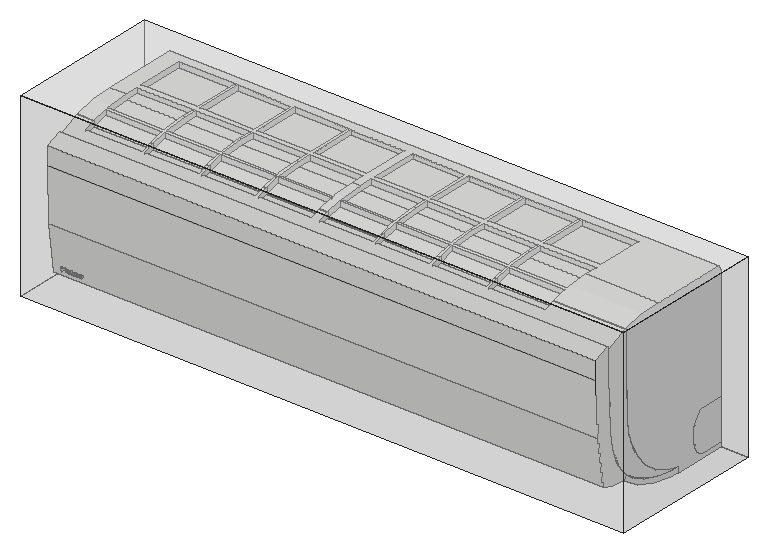
Revit family "outputfile", category 機械設備, Revit 2024
Family settings
  丸型コネクタ寸法 = 半径を使用
  パーツ タイプ = 標準
  OmniClass 番号 = 23.75.10.24.21.27.27
  OmniClass タイトル = Split System Air Conditioning Units
  作業面ベース = いいえ
  常に垂直 = はい
  ロード時にボイドで切り取り = いいえ
  注釈の向きを維持 = いいえ
  共有 = いいえ
  部屋計算ポイント = いいえ
Parameters (values of type "FTHF71VAVMV")
  Description = ""
  書き出し IFC クラス(タイプ) = "IfcUnitaryEquipmentType"
  定義済み IFC タイプ(タイプ) = "AIRCONDITIONINGUNIT"
  Cost = 0
  Type Comments = ""
  Keynote = ""
  Type Image = (empty or 0)
  Assembly Code = ""
  w_wall hole = 60.0 mm  # constant formula
  製造元 = "Daikin"
  モデル = "FTHF71VAVMV"
  switch_frequency = yes
  r_Liquid Pipe Size = Liquid Pipe Size / 2  # 3.2 mm
  r_Gas Pipe Size = Gas Pipe Size / 2  # 7.95 mm
  r_Drain Pipe Size = Drain Pipe Size / 2  # 8.0 mm
  lw_powersupply [instance] = if(or(Rear Right Connection_refrigerant, Bottom Right Connection_refrigerant), 80.0 mm, if(or(Rear Left Connection_refrigerant, Bottom Left Connection_refrigerant), 920.0 mm, 495.0 mm))  # 495.0 mm
  lw_liquidpipe [instance] = if(or(Rear Right Connection_refrigerant, Bottom Right Connection_refrigerant), 9.0 mm, if(or(Rear Left Connection_refrigerant, Bottom Left Connection_refrigerant), 871.0 mm, 475.0 mm))  # 475.0 mm
  lw_gaspipe [instance] = if(or(Rear Right Connection_refrigerant, Bottom Right Connection_refrigerant), 0.0 mm, if(or(Rear Left Connection_refrigerant, Bottom Left Connection_refrigerant), 880.0 mm, 400.0 mm))  # 400.0 mm
  lw_drainpipe [instance] = if(or(Rear Right Connection_refrigerant, Bottom Right Connection_refrigerant), 0.0 mm, if(or(Rear Left Connection_refrigerant, Bottom Left Connection_refrigerant), 880.0 mm, 435.0 mm))  # 435.0 mm
  l_powersupply_length [instance] = if(Right Connection_refrigerant, 495.0 mm, if(Left Connection_refrigerant, 495.0 mm, if(or(Rear Left Connection_refrigerant, Rear Right Connection_refrigerant), 15.0 mm, 50.0 mm)))  # 495.0 mm
  l_liquidpipe_length [instance] = if(Right Connection_refrigerant, 535.0 mm, if(Left Connection_refrigerant, 455.0 mm, if(or(Rear Left Connection_refrigerant, Rear Right Connection_refrigerant), 30.0 mm, 40.0 mm)))  # 535.0 mm
  l_gaspipe_length [instance] = if(Right Connection_refrigerant, 460.0 mm, if(Left Connection_refrigerant, 530.0 mm, if(or(Rear Left Connection_refrigerant, Rear Right Connection_refrigerant), 40.0 mm, 50.0 mm)))  # 460.0 mm
  l_drainpipe_length [instance] = if(Right Connection_refrigerant, 495.0 mm, if(Left Connection_refrigerant, 495.0 mm, if(or(Rear Left Connection_refrigerant, Rear Right Connection_refrigerant), 15.0 mm, 20.0 mm)))  # 495.0 mm
  h*** = 0.0 mm  # constant formula
  connector_voltage = Voltage_50Hz  # 230 V
  connector_powerinput = if([Power Input (Cooling)] > [Power Input (Heating)], [Power Input (Cooling)], [Power Input (Heating)])  # 0.000 kW
  connector_phase = Phase_50Hz  # 1
  angle_vertical [instance] = if(or(Bottom Left Connection_refrigerant, Bottom Right Connection_refrigerant), 0.00°, 90.00°)  # 90.00°
  angle_horizontal [instance] = if(Right Connection_refrigerant, 90.00°, if(Left Connection_refrigerant, -90.00°, if(or(Rear Left Connection_refrigerant, Rear Right Connection_refrigerant), 180.00°, 0.00°)))  # 90.00°
  Width = 990.0 mm
  Voltage_comment_50Hz = "220 - 240"
  Voltage_50Hz = 230 V
  Version = "ver.1.0"
  Unit Type = "Wall Mounted"
  Unit Mass Weight = 13.00 kg
  Unit Designation [instance] = ""
  Uniclass2015Version = "Products v1.30"
  Uniclass2015Title = "Split coil room air conditioning units"
  Uniclass2015Code = "Pr_70_65_03_86"
  URL = ""
  Total Heating Capacity [instance] = 0.000 kW
  Total Cooling Capacity [instance] = 0.000 kW
  Sound Pressure Level_M speed (dBA) = 42
  Sound Pressure Level_L speed (dBA) = 37
  Sound Pressure Level_H speed (dBA) = 46
  Sound Power Level_H speed (dB) = 0
  Series = "Single Split_Fan Coil Unit"
  Sensible Cooling Capacity [instance] = 0.000 kW
  Refrigerant Type = "R32"
  Power Input (Heating) = 0.000 kW
  Power Input (Cooling) = 0.000 kW
  Phase_50Hz = 1
  Option Accessory 3 [instance] = ""
  Option Accessory 2 [instance] = ""
  Option Accessory 1 [instance] = ""
  Nominal Heating Capacity = 7.100 kW
  Nominal Cooling Capacity = 7.100 kW
  Minimum Circuit Amps_50Hz = 0.0 A
  Minimum Airflow = 798.00 m³/h
  Median Airflow = 972.00 m³/h
  Maximum Fuse Amps_50Hz = 0.0 A
  Maximum Airflow = 1120.00 m³/h
  Material_Casing = DAIKIN_White_Casing_indoorunit
  Load Classification = HVAC
  Liquid Pipe Size = 6.4 mm
  Link_Nested Family [instance] = ""
  IfcVersion = ""
  IfcExportType = "AIRCONDITIONINGUNIT"
  IfcExportAs = "IfcUnitaryEquipmentType"
  Height = 295.0 mm
  Heating Entering Wet Bulb Temperature [instance] = -273.15 °C
  Heating Entering Dry Bulb Temperature [instance] = -273.15 °C
  Heating Ambient Wet Bulb Temperature [instance] = -273.15 °C
  Heating Ambient Dry Bulb Temperature [instance] = -273.15 °C
  Heat Exchanger Type = "Cross Fin Coil"
  Gas Pipe Size = 15.9 mm
  Frequency_50Hz = 50 Hz
  Fan Type = "Cross Flow Fan"
  Fan Drive = "Direct Drive"
  FCU Tag No. [instance] = ""
  Drain Pipe Size = 16.0 mm
  Design Supply Airflow [instance] = 0.00 m³/h
  Depth = 281.0 mm
  既定の高さ = 0.0 mm
  Cooling Entering Wet Bulb Temperature [instance] = 0.00 °C
  Cooling Entering Dry Bulb Temperature [instance] = 0.00 °C
  Cooling Ambient Wet Bulb Temperature [instance] = 0.00 °C
  Cooling Ambient Dry Bulb Temperature [instance] = 0.00 °C
  Clearance visibility [instance] = yes
  Clearance Top = 30.0 mm
  Clearance Right = 50.0 mm
  Clearance Rear = 0.0 mm
  Clearance Left = 50.0 mm
  Clearance Front = 0.0 mm
  Clearance Bottom = 0.0 mm
  Bottom Right Connection_refrigerant [instance] = no
  Bottom Left Connection_refrigerant [instance] = no
  Rear Right Connection_refrigerant [instance] = no
  Rear Left Connection_refrigerant [instance] = no
  Right Connection_refrigerant [instance] = yes
  Left Connection_refrigerant [instance] = no
Reference planes
  plane 1 "Back": y = 0
  plane 2: z = 0
  plane 3 "Center (Left/Right)": x = 0
  plane 4 "Center (Front/Back)": y = -140.5
  plane 5 "Front": y = -281
  plane 6 "Left": x = -495
  plane 7 "Right": x = 495
  plane 8 "Top": z = 0
  plane 9 "Bottom": z = -295
  plane 10: x = -545
  plane 11: x = 545
  plane 12: y = 0
  plane 13: y = -281
  plane 14: z = 30
  plane 15: z = -295
  plane 16 "lw_Piping and Wiring intake": x = 435
  plane 17 "lw_gaspipe": x = 35
  plane 18 "lw_liquidpipe": x = -40
  plane 19 "lw_drainpipe": x = 0
  plane 20 "lh_drainpipe": z = -275
  plane 21 "lh_liquidpipe": z = -255
  plane 22 "lh_gaspipe": z = -245
  plane 23 "ld_drainpipe": y = -15
  plane 24 "ld_liquidpipe": y = -30
  plane 25 "ld_gaspipe": y = -40
  plane 26 "lw_powersupply": x = 0
Dimensions and locks
  equal spacing: plane 6 "Left", plane 3 "Center (Left/Right)", plane 7 "Right"
  "Width": plane 6 "Left" to plane 7 "Right"
  equal spacing: plane 5 "Front", plane 4 "Center (Front/Back)", plane 1 "Back"
  "Depth": plane 5 "Front" to plane 1 "Back"
  "Height": plane 8 "Top" to plane 9 "Bottom"
  "Clearance Rear": plane 12 to plane 1 "Back"
  "Clearance Front": plane 13 to plane 5 "Front"
  "Clearance Top": plane 14 to plane 8 "Top"
  "Clearance Bottom": plane 9 "Bottom" to plane 15
  "w_wall hole": plane 16 "lw_Piping and Wiring intake" to plane 7 "Right"
  "lw_gaspipe": plane 17 "lw_gaspipe" to plane 16 "lw_Piping and Wiring intake"
  "lw_liquidpipe": plane 18 "lw_liquidpipe" to plane 16 "lw_Piping and Wiring intake"
  "lw_drainpipe": plane 19 "lw_drainpipe" to plane 16 "lw_Piping and Wiring intake"
  locked: plane 20 "lh_drainpipe" to plane 9 "Bottom" at 20
  locked: plane 21 "lh_liquidpipe" to plane 9 "Bottom" at 40
  locked: plane 22 "lh_gaspipe" to plane 9 "Bottom" at 50
  locked: plane 23 "ld_drainpipe" to plane 1 "Back" at 15
  locked: plane 1 "Back" to plane 24 "ld_liquidpipe" at 30
  locked: plane 1 "Back" to plane 25 "ld_gaspipe" at 40
  "lw_powersupply": plane 26 "lw_powersupply" to plane 7 "Right"
  "Clearance Right": plane 7 "Right" to plane 11
  "Clearance Left": plane 10 to plane 6 "Left"
  aligned and locked: level to plane 2
  aligned and locked: plane 12 to nested 1
  aligned and locked: nested 1 to plane 13
  aligned and locked: plane 10 to nested 1
  aligned and locked: plane 11 to nested 1
  aligned and locked: plane 15 to nested 1
  aligned and locked: plane 14 to nested 1
  aligned and locked: plane 17 "lw_gaspipe" to nested 2
  aligned and locked: nested 2 to plane 25 "ld_gaspipe"
  aligned and locked: plane 18 "lw_liquidpipe" to nested 3
  aligned and locked: nested 3 to plane 24 "ld_liquidpipe"
  aligned and locked: plane 19 "lw_drainpipe" to nested 4
  aligned and locked: nested 4 to plane 23 "ld_drainpipe"
  aligned and locked: nested 5 to plane 23 "ld_drainpipe"
  aligned and locked: plane 26 "lw_powersupply" to nested 5
  aligned and locked: level to plane 8 "Top"
  aligned and locked: plane 3 "Center (Left/Right)" to nested 6
  aligned and locked: plane 8 "Top" to nested 6
  aligned and locked: plane 1 "Back" to nested 6
Nested families
  nested 1: "daikin_clearancespace" at (0, -140.5, -132.381), show <- "Clearance visibility", visible <- "Clearance visibility", Link_Nested Family <- "Link_Nested Family", type "daikin_clearancespace"
    with width 1090.0 mm, show yes, height 325.0 mm, depth 281.0 mm, Link_Nested Family ""
  nested 2: "daikin_connector_rotate3" at (35, -40, -245), angle_vertical <- "angle_vertical", angle_horizontal <- "angle_horizontal", length <- "l_gaspipe_length", radius <- "r_Gas Pipe Size", type "daikin_connector_rotate3"
    with show no, radius 7.95 mm, length 460.0 mm, angle_vertical 90.00°, angle_horizontal 90.00°
  nested 3: "daikin_connector_rotate3" at (-40, -30, -255), angle_vertical <- "angle_vertical", angle_horizontal <- "angle_horizontal", radius <- "r_Liquid Pipe Size", length <- "l_liquidpipe_length", type "daikin_connector_rotate3"
    with show no, radius 3.2 mm, length 535.0 mm, angle_vertical 90.00°, angle_horizontal 90.00°
  nested 4: "daikin_connector_rotate3" at (0, -15, -275), angle_vertical <- "angle_vertical", angle_horizontal <- "angle_horizontal", length <- "l_drainpipe_length", radius <- "r_Drain Pipe Size", type "daikin_connector_rotate3"
    with show no, radius 8.0 mm, length 495.0 mm, angle_vertical 90.00°, angle_horizontal 90.00°
  nested 5: "daikin_connector_rotate3" at (0, -15, -245), angle_vertical <- "angle_vertical", angle_horizontal <- "angle_horizontal", length <- "l_powersupply_length", type "daikin_connector_rotate3"
    with show no, radius 10.0 mm, length 495.0 mm, angle_vertical 90.00°, angle_horizontal 90.00°
  nested 6: "DAIKIN_indoorunit_FTHF-VAVMV" at (-31, 0, 0), type "FTHF-VAVMV"
Connectors
  piping at (495, -40, -245), diameter 15.9, driven by "r_Gas Pipe Size"
    settings: on nested 2, index 1, connector inside diameter 609.6 mm, connector length 0.0 mm, flow factor 0, pipe flow 0.00 m³/h, pressure drop 0.0 Pa, fitting loss kfactor 0, connector angle 0.00°, fixture units 0, engagement length 0.0 mm, angle of deflection 0.00°, flow configuration 1, flow direction 2, fitting loss method 0, system type 29, joint type 0, gender type 0, connector reference index -1, connector utility 0, adjustable connector no, is connector primary yes, connector description "Refrigerant Gas Piping"
  piping at (495, -30, -255), diameter 6.4, driven by "r_Liquid Pipe Size"
    settings: on nested 3, index 2, connector inside diameter 609.6 mm, connector length 0.0 mm, flow factor 0, pipe flow 0.00 m³/h, pressure drop 0.0 Pa, fitting loss kfactor 0, connector angle 0.00°, fixture units 0, engagement length 0.0 mm, angle of deflection 0.00°, flow configuration 1, flow direction 1, fitting loss method 0, system type 29, joint type 0, gender type 0, connector reference index -1, connector utility 0, adjustable connector no, is connector primary no, connector description "Refrigerant Liquid Piping"
  piping at (495, -15, -275), diameter 16, driven by "r_Drain Pipe Size"
    settings: on nested 4, index 3, connector inside diameter 609.6 mm, connector length 0.0 mm, flow factor 0, pipe flow 0.00 m³/h, pressure drop 0.0 Pa, fitting loss kfactor 0, connector angle 0.00°, fixture units 0, engagement length 0.0 mm, angle of deflection 0.00°, flow configuration 1, flow direction 2, fitting loss method 4, system type 16, joint type 0, gender type 0, connector reference index -1, connector utility 0, adjustable connector no, is connector primary no, connector description "Condensate Drain Piping"
  electrical at (495, -15, -245), driven by "Load Classification", driven by "connector_phase", driven by "connector_powerinput", driven by "connector_voltage"
    settings: on nested 5, index 4, voltage 230 V, apparent load 0 VA, apparent load phase1 0 VA, apparent load phase2 0 VA, apparent load phase3 0 VA, power factor 1, load classification "HVAC", number of poles 1, system type 30, power factor state 1, is connector primary yes, connector utility no, sub classification motor no, connector description "Power Supply"
Definition of nested family "daikin_clearancespace"
  Parameters (values of type "daikin_clearancespace")
    Description = "daikin_clearancespace"
    width [instance] = 1823.963 mm
    show [instance] = yes
    material = none
    height [instance] = 1359.762 mm
    depth [instance] = 880.0 mm
    Default Elevation = 0.0 mm
    Link_Nested Family [instance] = ""
  Reference planes
    plane 1 "Center (Front/Back)": y = 0
    plane 2 "Center (Elevation)": z = -0.119
    plane 3 "Center (Left/Right)": x = 0
    plane 4: y = 440
    plane 5: y = -440
    plane 6 "Right": x = 911.982
    plane 7 "Left": x = -911.982
    plane 8 "Top": z = 679.762
    plane 9 "Bottom": z = -680
  Forms (mm)
    Extrusion 1, solid, material <- "material", visible <- "show"
      sketch origin (0, 0, 0) x (1, 0, 0) y (0, 1, 0)
        loop
          line (-911.982, 440) -> (-911.982, -440) -> (911.982, -440) -> (911.982, 440) -> (-911.982, 440)
      from -680 to 679.762
  Lines and regions (mm)
    symbolic lines, visible <- "show"
      curve 1: line (911.982, 440, 0) -> (-911.982, 440, 0)
      curve 2: line (-911.982, 440, 0) -> (-911.982, -440, 0)
      curve 3: line (-911.982, -440, 0) -> (911.982, -440, 0)
      curve 4: line (911.982, -440, 0) -> (911.982, 440, 0)
      curve 5: line (911.982, 0, 679.762) -> (-911.982, 0, 679.762)
      curve 6: line (911.982, 0, -680) -> (911.982, 0, 679.762)
      curve 7: line (-911.982, 0, -680) -> (911.982, 0, -680)
      curve 8: line (-911.982, 0, 679.762) -> (-911.982, 0, -680)
      curve 9: line (0, 440, 679.762) -> (0, -440, 679.762)
      curve 10: line (0, -440, 679.762) -> (0, -440, -680)
      curve 11: line (0, 440, -680) -> (0, 440, 679.762)
      curve 12: line (0, -440, -680) -> (0, 440, -680)
  Dimensions and locks
    "width": plane 7 "Left" to plane 6 "Right"
    "depth": plane 4 to plane 5
    "height": plane 8 "Top" to plane 9 "Bottom"
    equal spacing: plane 7 "Left", plane 3 "Center (Left/Right)", plane 6 "Right"
    equal spacing: plane 4, plane 1 "Center (Front/Back)", plane 5
    equal spacing: plane 8 "Top", plane 2 "Center (Elevation)", plane 9 "Bottom"
    aligned and locked: level to plane 2 "Center (Elevation)"
    aligned and locked: Extrusion 1 sketch curve to plane 4
    aligned and locked: plane 7 "Left" to Extrusion 1 sketch curve
    aligned and locked: Extrusion 1 sketch curve to plane 5
    aligned and locked: Extrusion 1 sketch curve to plane 6 "Right"
    aligned and locked: plane 8 "Top" to Extrusion 1
    aligned and locked: curve 1 to Extrusion 1
    aligned and locked: curve 2 to Extrusion 1
    aligned and locked: curve 3 to Extrusion 1
    aligned and locked: curve 4 to Extrusion 1
    aligned and locked: curve 5 to Extrusion 1
    aligned and locked: curve 6 to Extrusion 1
    aligned and locked: curve 7 to Extrusion 1
    aligned and locked: curve 8 to Extrusion 1
    aligned and locked: curve 9 to Extrusion 1
    aligned and locked: curve 10 to Extrusion 1
    aligned and locked: curve 11 to Extrusion 1
    aligned and locked: curve 12 to Extrusion 1
    aligned and locked: Extrusion 1 to plane 9 "Bottom"
Definition of nested family "DAIKIN_indoorunit_FTHF-VAVMV"
  Parameters (values of type "FTHF-VAVMV")
    Width = 990.0 mm
    Material_Casing = none
    Height = 295.0 mm
    Default Elevation = 0.0 mm
  Reference planes
    plane 1 "Center (Front/Back)": y = 0
    plane 2 "reference_level": z = 0
    plane 3 "Center (Left/Right)": x = 31
    plane 4: x = -464
    plane 5: x = 526
    plane 6: y = -281
    plane 7: z = -295
  Forms (mm)
    Extrusion 1, solid, material <- "Material_Casing"
      sketch origin (31, 0, 0) x (0, 1, 0) y (0, 0, 1)
        loop
          line (-219.505, -253.208) -> (-214.063, -245.993)
          arc (-214.063, -245.993) -> (-226.305, -232.688) -> (-235.972, -217.41) r 100.737
          arc (-235.972, -217.41) -> (-246.359, -189.681) -> (-251.069, -160.448) r 149.292
          arc (-251.069, -160.448) -> (-253.267, -112.746) -> (-254, -65) r 1555.387
          line (-254, -65) -> (-254, -22.209) -> (-280.96, -32.522) -> (-281, -65.309)
          arc (-281, -65.309) -> (-280.275, -112.896) -> (-278.119, -160.439) r 1582.495
          arc (-278.119, -160.439) -> (-274.11, -202.042) -> (-267, -243.228) r 558.201
          arc (-267, -243.228) -> (-249.058, -250.67) -> (-229.801, -253.208) r 74.313
          line (-229.801, -253.208) -> (-219.505, -253.208)
      from -495 to 495
    Extrusion 2, solid, material <- "Material_Casing"
      sketch origin (31, 0, 0) x (0, 1, 0) y (0, 0, 1)
        loop
          arc (-100.5, -284.747) -> (-179.919, -239.801) -> (-212.343, -154.5) r 134.438
          arc (-212.343, -154.5) -> (-213.586, -109.758) -> (-214, -65) r 2418.229
          line (-214, -65) -> (-214, -20.481)
          arc (-214, -20.481) -> (-233.83, -27.507) -> (-253, -36.176) r 250
          line (-253, -36.176) -> (-253, -65)
          arc (-253, -65) -> (-252.267, -112.716) -> (-250.07, -160.386) r 1554.382
          arc (-250.07, -160.386) -> (-245.365, -189.53) -> (-234.983, -217.165) r 148.387
          arc (-234.983, -217.165) -> (-218.057, -240.73) -> (-195.079, -258.444) r 100
          arc (-195.079, -258.444) -> (-149.468, -277.868) -> (-100.5, -285.595) r 201.939
          line (-100.5, -285.595) -> (-100.5, -284.747)
      from -495 to 495
    Extrusion 3, solid, material <- "Material_Casing"
      sketch origin (31, 0, 0) x (0, 1, 0) y (0, 0, 1)
        loop
          arc (-214, -65) -> (-213.586, -109.758) -> (-212.343, -154.5) r 2418.229
          arc (-212.343, -154.5) -> (-178.254, -241.703) -> (-95.5, -285.502) r 134.438
          line (-95.5, -285.502) -> (-95.5, -295) -> (0, -295) -> (0, -9) -> (-140.5, -9)
          arc (-140.5, -9) -> (-177.696, -11.888) -> (-214, -20.481) r 241
          line (-214, -20.481) -> (-214, -65)
      from -495 to 495
    Extrusion 4, solid, material <- "Material_Casing"
      sketch origin (31, 0, 0) x (0, 1, 0) y (0, 0, 1)
        loop
          line (-213.317, -246.664) -> (-219.196, -254.466)
          arc (-219.196, -254.466) -> (-168.535, -282.168) -> (-112.23, -294.964) r 209.168
          arc (-112.23, -294.964) -> (-111.806, -294.991) -> (-111.381, -295) r 10
          line (-111.381, -295) -> (-96.5, -295) -> (-96.5, -286) -> (-111.136, -286)
          arc (-111.136, -286) -> (-154.838, -277.36) -> (-195.568, -259.316) r 201.22
          arc (-195.568, -259.316) -> (-204.785, -253.47) -> (-213.317, -246.664) r 101
      from 445 to 495
    Extrusion 5, solid, material <- "Material_Casing"
      sketch origin (-464, 2327.908, 1200) x (0, 1, 0) y (0, 0, 1)
        loop
          line (-2541.225, -1446.664) -> (-2547.104, -1454.466)
          arc (-2547.104, -1454.466) -> (-2496.443, -1482.168) -> (-2440.138, -1494.964) r 209.168
          arc (-2440.138, -1494.964) -> (-2439.714, -1494.991) -> (-2439.289, -1495) r 10
          line (-2439.289, -1495) -> (-2424.408, -1495) -> (-2424.408, -1486) -> (-2439.044, -1486)
          arc (-2439.044, -1486) -> (-2482.746, -1477.36) -> (-2523.476, -1459.316) r 201.22
          arc (-2523.476, -1459.316) -> (-2532.693, -1453.47) -> (-2541.225, -1446.664) r 101
      from 0 to 45
    Extrusion 6, solid, material <- "Material_Casing"
      sketch origin (31, 0, 0) x (0, 1, 0) y (0, 0, 1)
        loop
          line (-213.317, -246.664) -> (-219.196, -254.466)
          arc (-219.196, -254.466) -> (-168.535, -282.168) -> (-112.23, -294.964) r 209.168
          arc (-112.23, -294.964) -> (-111.806, -294.991) -> (-111.381, -295) r 10
          line (-111.381, -295) -> (-96.5, -295) -> (-96.5, -286) -> (-111.136, -286)
          arc (-111.136, -286) -> (-154.838, -277.36) -> (-195.568, -259.316) r 201.22
          arc (-195.568, -259.316) -> (-204.785, -253.47) -> (-213.317, -246.664) r 101
      from 348 to 444
    Extrusion 7, solid, material <- "Material_Casing"
      sketch origin (31, 0, 0) x (0, 1, 0) y (0, 0, 1)
        loop
          line (-213.317, -246.664) -> (-219.196, -254.466)
          arc (-219.196, -254.466) -> (-180.878, -277.039) -> (-138.653, -291) r 209.168
          line (-138.653, -291) -> (-132.632, -283.01)
          arc (-132.632, -283.01) -> (-165.097, -273.811) -> (-195.568, -259.316) r 201.22
          arc (-195.568, -259.316) -> (-204.785, -253.47) -> (-213.317, -246.664) r 101
      from -442 to 343
    Extrusion 8, solid, material <- "Material_Casing"
      sketch origin (31, 0, 0) x (0, 1, 0) y (0, 0, 1)
        loop
          arc (-214, -11.049) -> (-233.83, -18.074) -> (-253, -26.743) r 250
          line (-253, -26.743) -> (-253, -36.176)
          arc (-253, -36.176) -> (-233.83, -27.507) -> (-214, -20.481) r 250
          line (-214, -20.481) -> (-214, -11.049)
      from -495 to 495
    Extrusion 9, solid, material <- "Material_Casing"
      sketch origin (31, 0, 0) x (0, 1, 0) y (0, 0, 1)
        loop
          arc (-140.5, 0) -> (-177.663, -2.778) -> (-214, -11.049) r 250
          line (-214, -11.049) -> (-214, -20.481)
          arc (-214, -20.481) -> (-177.696, -11.888) -> (-140.5, -9) r 241
          line (-140.5, -9) -> (0, -9) -> (-5, 0) -> (-140.5, 0)
      from -495 to 495
    Extrusion 10, void
      sketch origin (0, 0, 0) x (1, 0, 0) y (0, 1, 0)
        loop
          line (-434.288, -22.7) -> (-434.288, -107.9) -> (-332.288, -107.9) -> (-332.288, -22.7) -> (-434.288, -22.7)
        loop
          line (-332.288, -116.9) -> (-434.288, -116.9) -> (-434.288, -183.4) -> (-332.288, -183.4) -> (-332.288, -116.9)
        loop
          line (-332.288, -187.9) -> (-434.288, -187.9) -> (-434.288, -231.9) -> (-332.288, -231.9) -> (-332.288, -187.9)
        loop
          line (-328.088, -22.7) -> (-328.088, -107.9) -> (-229.888, -107.9) -> (-229.888, -22.7) -> (-328.088, -22.7)
        loop
          line (-229.888, -116.9) -> (-328.088, -116.9) -> (-328.088, -183.4) -> (-229.888, -183.4) -> (-229.888, -116.9)
        loop
          line (-229.888, -187.9) -> (-328.088, -187.9) -> (-328.088, -231.9) -> (-229.888, -231.9) -> (-229.888, -187.9)
        loop
          line (-225.688, -22.7) -> (-225.688, -107.9) -> (-127.488, -107.9) -> (-127.488, -22.7) -> (-225.688, -22.7)
        loop
          line (-127.488, -116.9) -> (-225.688, -116.9) -> (-225.688, -183.4) -> (-127.488, -183.4) -> (-127.488, -116.9)
        loop
          line (-127.488, -187.9) -> (-225.688, -187.9) -> (-225.688, -231.9) -> (-127.488, -231.9) -> (-127.488, -187.9)
        loop
          line (-123.288, -22.7) -> (-123.288, -107.9) -> (-26.288, -107.9) -> (-26.288, -22.7) -> (-123.288, -22.7)
        loop
          line (-26.288, -116.9) -> (-123.288, -116.9) -> (-123.288, -183.4) -> (-26.288, -183.4) -> (-26.288, -116.9)
        loop
          line (-26.288, -187.9) -> (-123.288, -187.9) -> (-123.288, -231.9) -> (-26.288, -231.9) -> (-26.288, -187.9)
        loop
          line (395.712, -22.7) -> (293.712, -22.7) -> (293.712, -107.9) -> (395.712, -107.9) -> (395.712, -22.7)
        loop
          line (293.712, -116.9) -> (293.712, -183.4) -> (395.712, -183.4) -> (395.712, -116.9) -> (293.712, -116.9)
        loop
          line (293.712, -187.9) -> (293.712, -231.9) -> (395.712, -231.9) -> (395.712, -187.9) -> (293.712, -187.9)
        loop
          line (289.512, -22.7) -> (191.312, -22.7) -> (191.312, -107.9) -> (289.512, -107.9) -> (289.512, -22.7)
        loop
          line (191.312, -116.9) -> (191.312, -183.4) -> (289.512, -183.4) -> (289.512, -116.9) -> (191.312, -116.9)
        loop
          line (191.312, -187.9) -> (191.312, -231.9) -> (289.512, -231.9) -> (289.512, -187.9) -> (191.312, -187.9)
        loop
          line (187.112, -22.7) -> (88.912, -22.7) -> (88.912, -107.9) -> (187.112, -107.9) -> (187.112, -22.7)
        loop
          line (88.912, -116.9) -> (88.912, -183.4) -> (187.112, -183.4) -> (187.112, -116.9) -> (88.912, -116.9)
        loop
          line (88.912, -187.9) -> (88.912, -231.9) -> (187.112, -231.9) -> (187.112, -187.9) -> (88.912, -187.9)
        loop
          line (84.712, -22.7) -> (-12.288, -22.7) -> (-12.288, -107.9) -> (84.712, -107.9) -> (84.712, -22.7)
        loop
          line (-12.288, -116.9) -> (-12.288, -183.4) -> (84.712, -183.4) -> (84.712, -116.9) -> (-12.288, -116.9)
        loop
          line (-12.288, -187.9) -> (-12.288, -231.9) -> (84.712, -231.9) -> (84.712, -187.9) -> (-12.288, -187.9)
      from -47.376 to 34.635
    Extrusion 11, solid, material <- "Material_Casing"
      sketch origin (31, 0, 0) x (0, 1, 0) y (0, 0, 1)
        loop
          line (0, -287) -> (0, -214.4) -> (-35.8, -214.4)
          arc (-35.8, -214.4) -> (-52.771, -221.429) -> (-59.8, -238.4) r 24
          line (-59.8, -238.4) -> (-59.8, -263)
          arc (-59.8, -263) -> (-52.771, -279.971) -> (-35.8, -287) r 24
          line (-35.8, -287) -> (0, -287)
      from 490 to 495
    Extrusion 12, solid, material <- "Material_Casing"
      sketch origin (-954, 0, 0) x (0, 1, 0) y (0, 0, 1)
        loop
          line (0, -287) -> (0, -214.4) -> (-35.8, -214.4)
          arc (-35.8, -214.4) -> (-52.771, -221.429) -> (-59.8, -238.4) r 24
          line (-59.8, -238.4) -> (-59.8, -263)
          arc (-59.8, -263) -> (-52.771, -279.971) -> (-35.8, -287) r 24
          line (-35.8, -287) -> (0, -287)
      from 490 to 495
    Extrusion 13, solid, material <- "Material_Casing"
      sketch origin (0, 0, 0) x (1, 0, 0) y (0, 0, 1)
        loop
          circle (-416, -250.5) r 40
        loop
          circle (466, -250.5) r 40
      from 0 to 5
    Extrusion 14, solid, material <- "Material_Casing"
      sketch origin (4267.2, -957.059, -295) x (0, -1, 0) y (1, 0, 0)
        loop
          line (-957.059, -4705) -> (-921.259, -4705)
          arc (-921.259, -4705) -> (-904.289, -4697.971) -> (-897.259, -4681) r 24
          line (-897.259, -4681) -> (-897.259, -4656.4)
          arc (-897.259, -4656.4) -> (-904.289, -4639.429) -> (-921.259, -4632.4) r 24
          line (-921.259, -4632.4) -> (-957.059, -4632.4) -> (-957.059, -4705)
        loop
          line (-957.059, -3840) -> (-921.259, -3840)
          arc (-921.259, -3840) -> (-904.289, -3832.971) -> (-897.259, -3816) r 24
          line (-897.259, -3816) -> (-897.259, -3791.4)
          arc (-897.259, -3791.4) -> (-904.289, -3774.429) -> (-921.259, -3767.4) r 24
          line (-921.259, -3767.4) -> (-957.059, -3767.4) -> (-957.059, -3840)
      from 0 to 5
  Cuts and joins
    Extrusion 10 cuts Extrusion 9
    joined: Extrusion 3, Extrusion 9
    Extrusion 10 cuts Extrusion 8
    joined: Extrusion 2, Extrusion 8
  Dimensions and locks
    plane 4 to plane 5 = 990.0 mm
    plane 4 to plane 3 "Center (Left/Right)" to plane 5 = 495.0 mm, 495.0 mm
    plane 6 to plane 1 "Center (Front/Back)" = 281.0 mm
    level to plane 7 = 295.0 mm
    locked: nested 1 to plane 4 at 15
    locked: Extrusion 13 sketch curve to plane 4 at 48
    locked: plane 5 to Extrusion 13 sketch curve at 60
    locked: Extrusion 13 sketch curve to plane 7 at 44.5  (x2)
    radius of Extrusion 13 sketch curve = 40.0 mm  (x2)
    aligned and locked: level to plane 2 "reference_level"
  Nested families
    nested 1: "daikin_logo_plane_w40" at (-430, -268.859, -227.4) x (1, 0, 0) z (0, -0.9839, -0.1789), type "daikin_logo_plane_w40"
      with show_logo yes
  Definition of nested family "daikin_logo_plane_w40"
    Parameters (values of type "daikin_logo_plane_w40")
      width = 40.0 mm
      show_logo [instance] = yes
      material = none
      height = 0.0 mm
      depth = 0.0 mm
      Default Elevation = 1219.2 mm
    Reference planes
      plane 1 "Center (Front/Back)": y = 0
      plane 2: z = 0
      plane 3 "Center (Left/Right)": x = 0
      plane 4: z = 2
      plane 5 "left": x = -19
      plane 6: x = 19
    Forms (mm)
      Extrusion 1, solid, visible <- "show_logo"
        sketch origin (-19, 0, 0) x (1, 0, 0) y (0, 1, 0)
          loop
            line (8.902, -1.878) -> (7.789, -6.332) -> (11.13, -6.332)
            arc (11.13, -6.332) -> (12.454, -6.064) -> (13.472, -5.176) r 2.642
            arc (13.472, -5.176) -> (13.92, -4.02) -> (13.767, -2.79) r 2.537
            arc (13.767, -2.79) -> (13.452, -2.342) -> (12.982, -2.06) r 1.321
            arc (12.982, -2.06) -> (12.063, -1.902) -> (11.13, -1.878) r 6.479
            line (11.13, -1.878) -> (8.902, -1.878)
          loop
            line (10.016, -5.441) -> (10.907, -5.441)
            arc (10.907, -5.441) -> (11.591, -4.983) -> (11.988, -4.261) r 1.742
            spline (11.988, -4.261) -> (12.01, -4.155) -> (12.027, -4.03) -> (12.037, -3.893) -> (12.037, -3.747) -> (12.026, -3.598) -> (12.002, -3.451) -> (11.962, -3.31) -> (11.905, -3.181) -> (11.829, -3.069) -> (11.731, -2.978) -> (11.61, -2.913) -> (11.464, -2.88)
            line (11.464, -2.88) -> (10.573, -2.88) -> (10.016, -5.441)
          loop
            line (13.58, -6.332) -> (14.805, -6.332) -> (15.223, -5.553) -> (16.977, -5.553) -> (17.144, -6.332) -> (19.149, -6.332) -> (18.258, -1.878) -> (16.03, -1.878) -> (13.58, -6.332)
          loop
            line (16.476, -3.214) -> (15.76, -4.551) -> (16.762, -4.551) -> (16.476, -3.214)
          loop
            line (19.705, -6.332) -> (21.599, -6.332) -> (22.712, -1.878) -> (20.819, -1.878) -> (19.705, -6.332)
          loop
            line (22.712, -6.332) -> (24.606, -6.332) -> (24.908, -5.122) -> (25.831, -6.332) -> (28.17, -6.332) -> (26.388, -3.994) -> (28.949, -1.878) -> (26.945, -1.878) -> (25.401, -3.153) -> (25.719, -1.878) -> (23.826, -1.878) -> (22.712, -6.332)
          loop
            line (29.84, -1.878) -> (28.615, -6.332) -> (30.62, -6.332) -> (31.734, -1.878) -> (29.84, -1.878)
          loop
            line (31.734, -6.332) -> (33.07, -6.332) -> (33.7, -3.814) -> (34.518, -6.332) -> (36.745, -6.332) -> (37.859, -1.878) -> (36.523, -1.878) -> (35.845, -4.589) -> (34.963, -1.878) -> (32.847, -1.878) -> (31.734, -6.332)
        from 0 to 2
      Extrusion 2, solid, visible <- "show_logo"
        sketch origin (-19, 0, 0) x (1, 0, 0) y (0, 1, 0)
          loop
            line (8.7, 0) -> (4.235, 0) -> (0, -3.879) -> (0, -8) -> (8.7, 0)
        from 0 to 2
      Extrusion 3, solid, visible <- "show_logo"
        sketch origin (-19, 0, 0) x (1, 0, 0) y (0, 1, 0)
          loop
            line (0, 0) -> (0, -3.879) -> (4.235, 0) -> (0, 0)
        from 0 to 2
    Dimensions and locks
      plane 4 to plane 2 = 2.0 mm
      equal spacing: plane 5 "left", plane 3 "Center (Left/Right)", plane 6
      locked: plane 5 "left" to plane 6 at 38
      aligned and locked: level to plane 2
      aligned and locked: Extrusion 3 to plane 1 "Center (Front/Back)"  (x2)
      aligned and locked: Extrusion 2 to plane 1 "Center (Front/Back)"  (x2)
      aligned and locked: plane 4 to Extrusion 1
      aligned and locked: plane 4 to Extrusion 3
      aligned and locked: plane 4 to Extrusion 2
      aligned and locked: Extrusion 3 to plane 5 "left"
      aligned and locked: Extrusion 2 to plane 5 "left"
    Automatic sketch dimensions
      Extrusion 1 sketch curve to Extrusion 1 sketch curve = 0.901 mm
      Extrusion 1 sketch curve to Extrusion 1 sketch curve = 1.559 mm
      Extrusion 1 sketch curve to Extrusion 1 sketch curve = 1.327 mm
      Extrusion 1 sketch curve to Extrusion 1 sketch curve = 2.145 mm
      Extrusion 1 sketch curve to Extrusion 1 sketch curve = 1.448 mm
      Extrusion 1 sketch curve to Extrusion 1 sketch curve = 2.116 mm
      Extrusion 1 sketch curve to Extrusion 1 sketch curve = 1.114 mm  (x4)
      Extrusion 1 sketch curve to Extrusion 1 sketch curve = 1.336 mm  (x2)
      plane 1 "Center (Front/Back)" to Extrusion 1 sketch curve = 1.878 mm  (x5)
      Extrusion 1 sketch curve to Extrusion 1 sketch curve = 1.893 mm  (x5)
      Extrusion 1 sketch curve to Extrusion 1 sketch curve = 0.891 mm  (x4)
      Extrusion 1 sketch curve to Extrusion 1 sketch curve = 2.005 mm  (x3)
      Extrusion 1 sketch curve to Extrusion 1 sketch curve = 0.445 mm  (x2)
      plane 1 "Center (Front/Back)" to Extrusion 1 sketch curve = 3.994 mm
      Extrusion 1 sketch curve to Extrusion 1 sketch curve = 0.557 mm  (x2)
      Extrusion 1 sketch curve to Extrusion 1 sketch curve = 2.339 mm  (x2)
      Extrusion 1 sketch curve to Extrusion 1 sketch curve = 1.225 mm  (x3)
      plane 1 "Center (Front/Back)" to Extrusion 1 sketch curve = 3.153 mm
      Extrusion 1 sketch curve to Extrusion 1 sketch curve = 0.987 mm
      plane 1 "Center (Front/Back)" to Extrusion 1 sketch curve = 5.122 mm
      Extrusion 1 sketch curve to Extrusion 1 sketch curve = 0.922 mm
      plane 1 "Center (Front/Back)" to Extrusion 1 sketch curve = 6.332 mm
      Extrusion 1 sketch curve to Extrusion 1 sketch curve = 2.562 mm
      plane 1 "Center (Front/Back)" to Extrusion 1 sketch curve = 5.553 mm
      Extrusion 1 sketch curve to Extrusion 1 sketch curve = 0.167 mm
      Extrusion 1 sketch curve to Extrusion 1 sketch curve = 0.215 mm
      plane 1 "Center (Front/Back)" to Extrusion 1 sketch curve = 3.214 mm
      Extrusion 1 sketch curve to Extrusion 1 sketch curve = 0.286 mm
      plane 1 "Center (Front/Back)" to Extrusion 1 sketch curve = 4.551 mm
      Extrusion 1 sketch curve to Extrusion 1 sketch curve = 1.002 mm
      Extrusion 1 sketch curve to Extrusion 1 sketch curve = 0.537 mm
      Extrusion 1 sketch curve to Extrusion 1 sketch curve = 0.418 mm
      Extrusion 1 sketch curve to Extrusion 1 sketch curve = 1.028 mm
      plane 1 "Center (Front/Back)" to Extrusion 1 sketch curve = 4.261 mm
      Extrusion 1 sketch curve to Extrusion 1 sketch curve = 0.563 mm
      plane 1 "Center (Front/Back)" to Extrusion 1 sketch curve = 2.88 mm
      Extrusion 1 sketch curve to Extrusion 1 sketch curve = 1.088 mm
      Extrusion 1 sketch curve to Extrusion 1 sketch curve = 2.152 mm
      Extrusion 1 sketch curve to Extrusion 1 sketch curve = 0.586 mm
      Extrusion 1 sketch curve to Extrusion 1 sketch curve = 0.118 mm
      Extrusion 1 sketch curve to Extrusion 1 sketch curve = 0.298 mm
      Extrusion 1 sketch curve to Extrusion 1 sketch curve = 0.334 mm
      Extrusion 1 sketch curve to Extrusion 1 sketch curve = 0.223 mm
      Extrusion 1 sketch curve to Extrusion 1 sketch curve = 0.266 mm
      Extrusion 1 sketch curve to Extrusion 1 sketch curve = 1.671 mm
      Extrusion 1 sketch curve to Extrusion 1 sketch curve = 2.227 mm
      Extrusion 1 sketch curve to Extrusion 1 sketch curve = 0.0 mm  (x7)
      Extrusion 1 sketch curve to Extrusion 1 sketch curve = 3.453 mm
      Extrusion 1 sketch curve to Extrusion 1 sketch curve = 2.017 mm
      Extrusion 1 sketch curve to Extrusion 1 sketch curve = 0.78 mm  (x2)
      Extrusion 1 sketch curve to Extrusion 1 sketch curve = 1.743 mm
      Extrusion 1 sketch curve to Extrusion 1 sketch curve = 0.775 mm
      Extrusion 1 sketch curve to Extrusion 1 sketch curve = 0.552 mm
      Extrusion 1 sketch curve to Extrusion 1 sketch curve = 0.014 mm
      Extrusion 1 sketch curve to Extrusion 1 sketch curve = 0.952 mm
      Extrusion 1 sketch curve to Extrusion 1 sketch curve = 1.215 mm
      Extrusion 1 sketch curve to Extrusion 1 sketch curve = 0.108 mm
      plane 1 "Center (Front/Back)" to Extrusion 2 sketch curve = 0.0 mm
      Extrusion 2 sketch curve to plane 3 "Center (Left/Right)" = 19.0 mm
      Extrusion 2 sketch curve to plane 3 "Center (Left/Right)" = 14.765 mm
      Extrusion 2 sketch curve to Extrusion 2 sketch curve = 4.465 mm
      plane 1 "Center (Front/Back)" to Extrusion 2 sketch curve = 3.879 mm
      Extrusion 2 sketch curve to Extrusion 2 sketch curve = 4.12 mm
      plane 1 "Center (Front/Back)" to Extrusion 3 sketch curve = 0.0 mm
      Extrusion 3 sketch curve to plane 3 "Center (Left/Right)" = 19.0 mm
      Extrusion 3 sketch curve to plane 3 "Center (Left/Right)" = 14.765 mm
      plane 1 "Center (Front/Back)" to Extrusion 3 sketch curve = 3.879 mm
      Extrusion 1 sketch curve to plane 3 "Center (Left/Right)" = 11.211 mm
      Extrusion 1 sketch curve to Extrusion 1 sketch curve = 1.782 mm
Definition of nested family "daikin_connector_rotate3"
  Parameters (values of type "daikin_connector_rotate3")
    show [instance] = yes
    radius [instance] = 10.0 mm
    length [instance] = 600.0 mm
    angle_horizontal [instance] = 60.00°
    angle_vertical [instance] = 90.00°
    Default Elevation = 1219.2 mm
  Reference planes
    plane 1 "Center (Front/Back)": y = 0
    plane 2: z = 0
    plane 3 "Center (Left/Right)": x = 0
  Dimensions and locks
    "angle_horizontal": angle plane 3 "Center (Left/Right)" to nested 1
    aligned and locked: level to plane 2
    aligned and locked: plane 1 "Center (Front/Back)" to nested 1  (x2)
    aligned and locked: plane 3 "Center (Left/Right)" to nested 1
  Nested families
    nested 1: "daikin_connector_rotate2" at (0, 0, 0) x (0.5, 0.866, 0) z (0, 0, 1), angle_vertical <- "angle_vertical", length <- "length", radius <- "radius", type "daikin_connector_rotate2"
      with radius 10.0 mm, length 600.0 mm, angle_vertical 90.00°
  Definition of nested family "daikin_connector_rotate2"
    Parameters (values of type "daikin_connector_rotate2")
      show_face = yes
      radius [instance] = 10.0 mm
      length [instance] = 600.0 mm
      d_surface = 10.0 mm
      angle_vertical [instance] = 90.00°
      Default Elevation = 0.0 mm
    Reference planes
      plane 1 "Center (Front/Back)": y = 0
      plane 2: z = 0
      plane 3 "Center (Left/Right)": x = 0
    Forms (mm)
      Extrusion 1, solid, visible <- "show_face"
        sketch origin (0, -600, 0) x (1, 0, 0) y (0, 0, 1)
          loop
            circle (0, 0) r 10
        from 0 to -10
    Lines and regions (mm)
      reference lines
        curve 1: line (0, 0, 0) -> (0, -600, 0)
      symbolic lines
        curve 2: circle (0, 0, 0) r 5 normal (0, 0, 1)
      model lines, visible <- "show_face"
        curve 3: line (0, 0, 0) -> (0, -600, 0)
    Dimensions and locks
      "length": curve 1 to curve 1
      "length": curve 3 to curve 3
      "d_surface": Extrusion 1 to Extrusion 1
      "radius": radius of Extrusion 1 sketch curve
      "angle_vertical": angle curve 1 to plane 1 "Center (Front/Back)"
      "angle_vertical": angle curve 3 to plane 1 "Center (Front/Back)"
      aligned and locked: level to plane 2
      aligned and locked: plane 1 "Center (Front/Back)" to curve 1
      aligned and locked: plane 2 to curve 1
      aligned and locked: plane 1 "Center (Front/Back)" to curve 2
      aligned and locked: plane 3 "Center (Left/Right)" to curve 2
      aligned and locked: plane 1 "Center (Front/Back)" to curve 3
      aligned and locked: plane 2 to curve 3
      aligned and locked: Extrusion 1 to Extrusion 1
    Automatic sketch dimensions
      Extrusion 1 sketch curve to level = 0.0 mm
      Extrusion 1 sketch curve to plane 3 "Center (Left/Right)" = 0.0 mm
      radius of curve 2 = 5.0 mm
